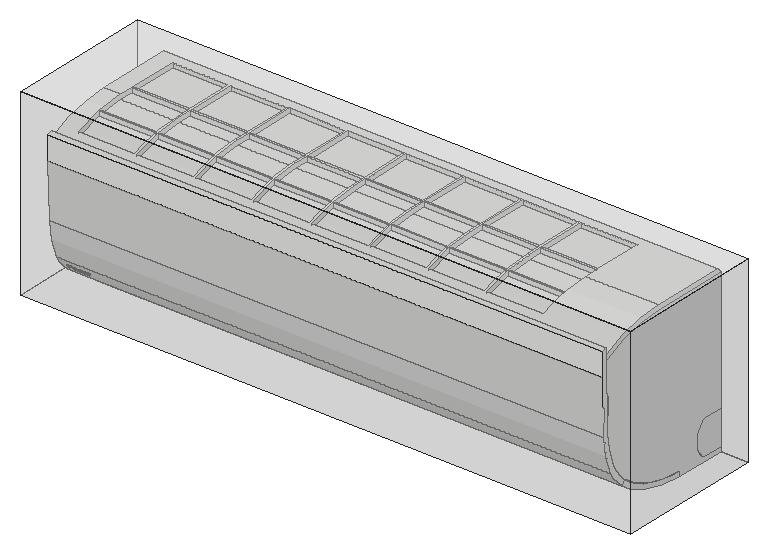
Revit family "outputfile", category 機械設備, Revit 2024
Family settings
  丸型コネクタ寸法 = 半径を使用
  パーツ タイプ = 標準
  OmniClass 番号 = 23.75.10.24.21.27.27
  OmniClass タイトル = Split System Air Conditioning Units
  作業面ベース = いいえ
  常に垂直 = はい
  ロード時にボイドで切り取り = いいえ
  注釈の向きを維持 = いいえ
  共有 = いいえ
  部屋計算ポイント = いいえ
Parameters (values of type "FTXV60UVMA")
  Description = ""
  書き出し IFC クラス(タイプ) = "IfcUnitaryEquipmentType"
  定義済み IFC タイプ(タイプ) = "AIRCONDITIONINGUNIT"
  Cost = 0
  Type Comments = ""
  Keynote = ""
  Type Image = (empty or 0)
  Assembly Code = ""
  w_wall hole = if(Width = 770.0 mm, 48.0 mm, 60.0 mm)  # 60.0 mm
  製造元 = "Daikin"
  モデル = "FTXV60UVMA"
  switch_frequency = yes
  r_Liquid Pipe Size = Liquid Pipe Size / 2  # 3.2 mm
  r_Gas Pipe Size = Gas Pipe Size / 2  # 6.35 mm
  r_Drain Pipe Size = Drain Pipe Size / 2  # 8.0 mm
  lw_powersupply [instance] = if(Width = 770.0 mm, if(or(Rear Right Connection_refrigerant, Bottom Right Connection_refrigerant), 25.0 mm, if(or(Rear Left Connection_refrigerant, Bottom Left Connection_refrigerant), 745.0 mm, 400.0 mm)), if(Width = 990.0 mm, if(or(Rear Right Connection_refrigerant, Bottom Right Connection_refrigerant), 40.0 mm, if(or(Rear Left Connection_refrigerant, Bottom Left Connection_refrigerant), 920.0 mm, 400.0 mm)), if(or(Rear Right Connection_refrigerant, Bottom Right Connection_refrigerant), 40.0 mm, if(or(Rear Left Connection_refrigerant, Bottom Left Connection_refrigerant), 920.0 mm, 400.0 mm))))  # 400.0 mm
  lw_liquidpipe [instance] = if(Width = 770.0 mm, if(or(Rear Right Connection_refrigerant, Bottom Right Connection_refrigerant), 0.0 mm, if(or(Rear Left Connection_refrigerant, Bottom Left Connection_refrigerant), 664.0 mm, 385.0 mm)), if(Width = 990.0 mm, if(or(Rear Right Connection_refrigerant, Bottom Right Connection_refrigerant), 0.0 mm, if(or(Rear Left Connection_refrigerant, Bottom Left Connection_refrigerant), 664.0 mm + (990.0 mm - 770.0 mm), 475.0 mm)), if(or(Rear Right Connection_refrigerant, Bottom Right Connection_refrigerant), 0.0 mm, if(or(Rear Left Connection_refrigerant, Bottom Left Connection_refrigerant), 664.0 mm + (990.0 mm - 770.0 mm), 475.0 mm))))  # 475.0 mm
  lw_gaspipe [instance] = if(Width = 770.0 mm, if(or(Rear Right Connection_refrigerant, Bottom Right Connection_refrigerant), 0.0 mm, if(or(Rear Left Connection_refrigerant, Bottom Left Connection_refrigerant), 675.0 mm, if(Gas Pipe Size = 12.7 mm, 345.0 mm, 335.0 mm))), if(Width = 990.0 mm, if(or(Rear Right Connection_refrigerant, Bottom Right Connection_refrigerant), 10.0 mm, if(or(Rear Left Connection_refrigerant, Bottom Left Connection_refrigerant), 890.0 mm, if(Gas Pipe Size = 15.9 mm, 410.0 mm, 400.0 mm))), if(or(Rear Right Connection_refrigerant, Bottom Right Connection_refrigerant), 10.0 mm, if(or(Rear Left Connection_refrigerant, Bottom Left Connection_refrigerant), 890.0 mm, if(Gas Pipe Size = 15.9 mm, 410.0 mm, 400.0 mm)))))  # 400.0 mm
  lw_drainpipe [instance] = if(Width = 770.0 mm, if(or(Rear Right Connection_refrigerant, Bottom Right Connection_refrigerant), 0.0 mm, if(or(Rear Left Connection_refrigerant, Bottom Left Connection_refrigerant), 770.0 mm - 48.0 mm - 48.0 mm, 440.0 mm)), if(Width = 990.0 mm, if(or(Rear Right Connection_refrigerant, Bottom Right Connection_refrigerant), 0.0 mm, if(or(Rear Left Connection_refrigerant, Bottom Left Connection_refrigerant), 675.0 mm + (990.0 mm - 770.0 mm), 435.0 mm)), if(or(Rear Right Connection_refrigerant, Bottom Right Connection_refrigerant), 0.0 mm, if(or(Rear Left Connection_refrigerant, Bottom Left Connection_refrigerant), 675.0 mm + (990.0 mm - 770.0 mm), 435.0 mm))))  # 435.0 mm
  l_powersupply_length [instance] = if(Width = 770.0 mm, if(Right Connection_refrigerant, 400.0 mm, if(Left Connection_refrigerant, 770.0 mm - 400.0 mm, if(or(Rear Left Connection_refrigerant, Rear Right Connection_refrigerant), 15.0 mm, 50.0 mm))), if(Width = 990.0 mm, if(Right Connection_refrigerant, 400.0 mm, if(Left Connection_refrigerant, 990.0 mm - 400.0 mm, if(or(Rear Left Connection_refrigerant, Rear Right Connection_refrigerant), 15.0 mm, 50.0 mm))), if(Right Connection_refrigerant, 400.0 mm, if(Left Connection_refrigerant, 990.0 mm - 400.0 mm, if(or(Rear Left Connection_refrigerant, Rear Right Connection_refrigerant), 15.0 mm, 50.0 mm)))))  # 400.0 mm
  l_liquidpipe_length [instance] = if(Width = 770.0 mm, if(Right Connection_refrigerant, 433.0 mm, if(Left Connection_refrigerant, 337.0 mm, if(or(Rear Left Connection_refrigerant, Rear Right Connection_refrigerant), 30.0 mm, 40.0 mm))), if(Width = 990.0 mm, if(Right Connection_refrigerant, 535.0 mm, if(Left Connection_refrigerant, 455.0 mm, if(or(Rear Left Connection_refrigerant, Rear Right Connection_refrigerant), 30.0 mm, 40.0 mm))), if(Right Connection_refrigerant, 535.0 mm, if(Left Connection_refrigerant, 455.0 mm, if(or(Rear Left Connection_refrigerant, Rear Right Connection_refrigerant), 30.0 mm, 40.0 mm)))))  # 535.0 mm
  l_gaspipe_length [instance] = if(Width = 770.0 mm, if(Right Connection_refrigerant, if(Gas Pipe Size = 12.7 mm, 393.0 mm, 383.0 mm), if(Left Connection_refrigerant, if(Gas Pipe Size = 12.7 mm, 770.0 mm - 393.0 mm, 770.0 mm - 383.0 mm), if(or(Rear Left Connection_refrigerant, Rear Right Connection_refrigerant), 40.0 mm, 50.0 mm))), if(Width = 990.0 mm, if(Right Connection_refrigerant, if(Gas Pipe Size = 15.9 mm, 470.0 mm, 460.0 mm), if(Left Connection_refrigerant, if(Gas Pipe Size = 15.9 mm, 990.0 mm - 470.0 mm, 990.0 mm - 460.0 mm), if(or(Rear Left Connection_refrigerant, Rear Right Connection_refrigerant), 40.0 mm, 50.0 mm))), if(Right Connection_refrigerant, if(Gas Pipe Size = 15.9 mm, 460.0 mm, 460.0 mm), if(Left Connection_refrigerant, if(Gas Pipe Size = 15.9 mm, 990.0 mm - 460.0 mm, 990.0 mm - 460.0 mm), if(or(Rear Left Connection_refrigerant, Rear Right Connection_refrigerant), 40.0 mm, 50.0 mm)))))  # 460.0 mm
  l_drainpipe_length [instance] = if(Width = 770.0 mm, if(Right Connection_refrigerant, 488.0 mm, if(Left Connection_refrigerant, 282.0 mm, if(or(Rear Left Connection_refrigerant, Rear Right Connection_refrigerant), 15.0 mm, 20.0 mm))), if(Width = 990.0 mm, if(Right Connection_refrigerant, 495.0 mm, if(Left Connection_refrigerant, 495.0 mm, if(or(Rear Left Connection_refrigerant, Rear Right Connection_refrigerant), 15.0 mm, 20.0 mm))), if(Right Connection_refrigerant, 495.0 mm, if(Left Connection_refrigerant, 495.0 mm, if(or(Rear Left Connection_refrigerant, Rear Right Connection_refrigerant), 15.0 mm, 20.0 mm)))))  # 495.0 mm
  h*** = 0.0 mm  # constant formula
  connector_voltage = Voltage_50Hz  # 230 V
  connector_powerinput = [Power Input (Cooling)]  # 1.640 kW
  connector_phase = Phase_50Hz  # 1
  angle_vertical [instance] = if(or(Bottom Left Connection_refrigerant, Bottom Right Connection_refrigerant), 0.00°, 90.00°)  # 90.00°
  angle_horizontal [instance] = if(Right Connection_refrigerant, 90.00°, if(Left Connection_refrigerant, -90.00°, if(or(Rear Left Connection_refrigerant, Rear Right Connection_refrigerant), 180.00°, 0.00°)))  # 90.00°
  Width = 990.0 mm
  Voltage_comment_60Hz = "220-230"
  Voltage_comment_50Hz = "220 - 240"
  Voltage_60Hz = 220 V
  Voltage_50Hz = 230 V
  Version = "ver.1.0"
  Unit Type = "Wall Mounted"
  Unit Mass Weight = 13.00 kg
  Unit Designation [instance] = ""
  Uniclass2015Version = "Products v1.30"
  Uniclass2015Title = "Split coil room air conditioning units"
  Uniclass2015Code = "Pr_70_65_03_86"
  URL = ""
  Total Heating Capacity [instance] = 0.000 kW
  Total Cooling Capacity [instance] = 0.000 kW
  Sound Pressure Level_M speed (dBA) = 42
  Sound Pressure Level_L speed (dBA) = 36
  Sound Pressure Level_H speed (dBA) = 48
  Sound Power Level_H speed (dB) = 0
  Series = "Single Split_Fan Coil Unit"
  Sensible Cooling Capacity [instance] = 0.000 kW
  Refrigerant Type = "R32"
  Power Input (Heating) = 1.730 kW
  Power Input (Cooling) = 1.640 kW
  Phase_60Hz = 1
  Phase_50Hz = 1
  Option Accessory 3 [instance] = ""
  Option Accessory 2 [instance] = ""
  Option Accessory 1 [instance] = ""
  Nominal Heating Capacity = 7.200 kW
  Nominal Cooling Capacity = 6.000 kW
  Minimum Circuit Amps_60Hz = 0.0 A
  Minimum Circuit Amps_50Hz = 0.0 A
  Minimum Airflow = 720.00 m³/h
  Median Airflow = 900.00 m³/h
  Maximum Fuse Amps_60Hz = 0.0 A
  Maximum Fuse Amps_50Hz = 0.0 A
  Maximum Airflow = 1116.00 m³/h
  Material_Casing = DAIKIN_PureWhite_Casing_indoorunit
  Load Classification = HVAC
  Liquid Pipe Size = 6.4 mm
  Link_Nested Family [instance] = ""
  IfcVersion = ""
  IfcExportType = "AIRCONDITIONINGUNIT"
  IfcExportAs = "IfcUnitaryEquipmentType"
  Height = 295.0 mm
  Heating Entering Wet Bulb Temperature [instance] = -273.15 °C
  Heating Entering Dry Bulb Temperature [instance] = -273.15 °C
  Heating Ambient Wet Bulb Temperature [instance] = -273.15 °C
  Heating Ambient Dry Bulb Temperature [instance] = -273.15 °C
  Heat Exchanger Type = "Cross Fin Coil"
  Gas Pipe Size = 12.7 mm
  Frequency_60Hz = 60 Hz
  Frequency_50Hz = 50 Hz
  Fan Type = "Cross Flow Fan"
  Fan Drive = "-"
  FCU Tag No. [instance] = ""
  Drain Pipe Size = 16.0 mm
  Design Supply Airflow [instance] = 0.00 m³/h
  Depth = 263.0 mm
  既定の高さ = 0.0 mm
  Cooling Entering Wet Bulb Temperature [instance] = 0.00 °C
  Cooling Entering Dry Bulb Temperature [instance] = 0.00 °C
  Cooling Ambient Wet Bulb Temperature [instance] = 0.00 °C
  Cooling Ambient Dry Bulb Temperature [instance] = 0.00 °C
  Clearance visibility [instance] = yes
  Clearance Top = 30.0 mm
  Clearance Right = 50.0 mm
  Clearance Rear = 0.0 mm
  Clearance Left = 50.0 mm
  Clearance Front = 0.0 mm
  Clearance Bottom = 0.0 mm
  Bottom Right Connection_refrigerant [instance] = no
  Bottom Left Connection_refrigerant [instance] = no
  Rear Right Connection_refrigerant [instance] = no
  Rear Left Connection_refrigerant [instance] = no
  Right Connection_refrigerant [instance] = yes
  Left Connection_refrigerant [instance] = no
Reference planes
  plane 1 "Back": y = 0
  plane 2: z = 0
  plane 3 "Center (Left/Right)": x = 0
  plane 4 "Center (Front/Back)": y = -131.5
  plane 5 "Front": y = -263
  plane 6 "Left": x = -495
  plane 7 "Right": x = 495
  plane 8 "Top": z = 0
  plane 9 "Bottom": z = -295
  plane 10: x = -545
  plane 11: x = 545
  plane 12: y = 0
  plane 13: y = -263
  plane 14: z = 30
  plane 15: z = -295
  plane 16 "lw_Piping and Wiring intake": x = 435
  plane 17 "lw_gaspipe": x = 35
  plane 18 "lw_liquidpipe": x = -40
  plane 19 "lw_drainpipe": x = 0
  plane 20 "lh_drainpipe": z = -275
  plane 21 "lh_liquidpipe": z = -255
  plane 22 "lh_gaspipe": z = -245
  plane 23 "ld_drainpipe": y = -15
  plane 24 "ld_liquidpipe": y = -30
  plane 25 "ld_gaspipe": y = -40
  plane 26 "lw_powersupply": x = 95
Dimensions and locks
  equal spacing: plane 6 "Left", plane 3 "Center (Left/Right)", plane 7 "Right"
  "Width": plane 6 "Left" to plane 7 "Right"
  equal spacing: plane 5 "Front", plane 4 "Center (Front/Back)", plane 1 "Back"
  "Depth": plane 5 "Front" to plane 1 "Back"
  "Height": plane 8 "Top" to plane 9 "Bottom"
  "Clearance Rear": plane 12 to plane 1 "Back"
  "Clearance Front": plane 13 to plane 5 "Front"
  "Clearance Top": plane 14 to plane 8 "Top"
  "Clearance Bottom": plane 9 "Bottom" to plane 15
  "w_wall hole": plane 16 "lw_Piping and Wiring intake" to plane 7 "Right"
  "lw_gaspipe": plane 17 "lw_gaspipe" to plane 16 "lw_Piping and Wiring intake"
  "lw_liquidpipe": plane 18 "lw_liquidpipe" to plane 16 "lw_Piping and Wiring intake"
  "lw_drainpipe": plane 19 "lw_drainpipe" to plane 16 "lw_Piping and Wiring intake"
  locked: plane 20 "lh_drainpipe" to plane 9 "Bottom" at 20
  locked: plane 21 "lh_liquidpipe" to plane 9 "Bottom" at 40
  locked: plane 22 "lh_gaspipe" to plane 9 "Bottom" at 50
  locked: plane 23 "ld_drainpipe" to plane 1 "Back" at 15
  locked: plane 1 "Back" to plane 24 "ld_liquidpipe" at 30
  locked: plane 1 "Back" to plane 25 "ld_gaspipe" at 40
  "lw_powersupply": plane 26 "lw_powersupply" to plane 7 "Right"
  "Clearance Left": plane 10 to plane 6 "Left"
  "Clearance Right": plane 7 "Right" to plane 11
  aligned and locked: level to plane 2
  aligned and locked: plane 12 to nested 1
  aligned and locked: nested 1 to plane 13
  aligned and locked: plane 10 to nested 1
  aligned and locked: plane 11 to nested 1
  aligned and locked: plane 15 to nested 1
  aligned and locked: plane 14 to nested 1
  aligned and locked: plane 17 "lw_gaspipe" to nested 2
  aligned and locked: nested 2 to plane 25 "ld_gaspipe"
  aligned and locked: plane 18 "lw_liquidpipe" to nested 3
  aligned and locked: nested 3 to plane 24 "ld_liquidpipe"
  aligned and locked: plane 19 "lw_drainpipe" to nested 4
  aligned and locked: nested 4 to plane 23 "ld_drainpipe"
  aligned and locked: nested 5 to plane 23 "ld_drainpipe"
  aligned and locked: plane 26 "lw_powersupply" to nested 5
  aligned and locked: level to plane 8 "Top"
  aligned and locked: plane 3 "Center (Left/Right)" to nested 6
  aligned and locked: plane 1 "Back" to nested 6
  aligned and locked: plane 8 "Top" to nested 6
Nested families
  nested 1: "daikin_clearancespace" at (0, -131.5, -132.381), show <- "Clearance visibility", visible <- "Clearance visibility", Link_Nested Family <- "Link_Nested Family", type "daikin_clearancespace"
    with width 1090.0 mm, show yes, height 325.0 mm, depth 263.0 mm, Link_Nested Family ""
  nested 2: "daikin_connector_rotate3" at (35, -40, -245), angle_vertical <- "angle_vertical", angle_horizontal <- "angle_horizontal", length <- "l_gaspipe_length", radius <- "r_Gas Pipe Size", type "daikin_connector_rotate3"
    with show no, radius 6.35 mm, length 460.0 mm, angle_vertical 90.00°, angle_horizontal 90.00°
  nested 3: "daikin_connector_rotate3" at (-40, -30, -255), angle_vertical <- "angle_vertical", angle_horizontal <- "angle_horizontal", radius <- "r_Liquid Pipe Size", length <- "l_liquidpipe_length", type "daikin_connector_rotate3"
    with show no, radius 3.2 mm, length 535.0 mm, angle_vertical 90.00°, angle_horizontal 90.00°
  nested 4: "daikin_connector_rotate3" at (0, -15, -275), angle_vertical <- "angle_vertical", angle_horizontal <- "angle_horizontal", length <- "l_drainpipe_length", radius <- "r_Drain Pipe Size", type "daikin_connector_rotate3"
    with show no, radius 8.0 mm, length 495.0 mm, angle_vertical 90.00°, angle_horizontal 90.00°
  nested 5: "daikin_connector_rotate3" at (95, -15, -245), angle_vertical <- "angle_vertical", angle_horizontal <- "angle_horizontal", length <- "l_powersupply_length", type "daikin_connector_rotate3"
    with show no, radius 10.0 mm, length 400.0 mm, angle_vertical 90.00°, angle_horizontal 90.00°
  nested 6: "DAIKIN_indoorunit_FTXV-UVMA" at (-31, 0, 0), type "FTXV-UVMA"
Connectors
  piping at (495, -40, -245), diameter 12.7, driven by "r_Gas Pipe Size"
    settings: on nested 2, index 1, connector inside diameter 609.6 mm, connector length 0.0 mm, flow factor 0, pipe flow 0.00 m³/h, pressure drop 0.0 Pa, fitting loss kfactor 0, connector angle 0.00°, fixture units 0, engagement length 0.0 mm, angle of deflection 0.00°, flow configuration 1, flow direction 2, fitting loss method 0, system type 29, joint type 0, gender type 0, connector reference index -1, connector utility 0, adjustable connector no, is connector primary yes, connector description "Refrigerant Gas Piping"
  piping at (495, -30, -255), diameter 6.4, driven by "r_Liquid Pipe Size"
    settings: on nested 3, index 2, connector inside diameter 609.6 mm, connector length 0.0 mm, flow factor 0, pipe flow 0.00 m³/h, pressure drop 0.0 Pa, fitting loss kfactor 0, connector angle 0.00°, fixture units 0, engagement length 0.0 mm, angle of deflection 0.00°, flow configuration 1, flow direction 1, fitting loss method 0, system type 29, joint type 0, gender type 0, connector reference index -1, connector utility 0, adjustable connector no, is connector primary no, connector description "Refrigerant Liquid Piping"
  piping at (495, -15, -275), diameter 16, driven by "r_Drain Pipe Size"
    settings: on nested 4, index 3, connector inside diameter 609.6 mm, connector length 0.0 mm, flow factor 0, pipe flow 0.00 m³/h, pressure drop 0.0 Pa, fitting loss kfactor 0, connector angle 0.00°, fixture units 0, engagement length 0.0 mm, angle of deflection 0.00°, flow configuration 1, flow direction 2, fitting loss method 4, system type 16, joint type 0, gender type 0, connector reference index -1, connector utility 0, adjustable connector no, is connector primary no, connector description "Condensate Drain Piping"
  electrical at (495, -15, -245), driven by "Load Classification", driven by "connector_voltage", driven by "connector_phase", driven by "connector_powerinput"
    settings: on nested 5, index 4, voltage 230 V, apparent load 1640 VA, apparent load phase1 0 VA, apparent load phase2 0 VA, apparent load phase3 0 VA, power factor 1, load classification "HVAC", number of poles 1, system type 30, power factor state 1, is connector primary yes, connector utility no, sub classification motor no, connector description "Power Supply"
Definition of nested family "daikin_clearancespace"
  Parameters (values of type "daikin_clearancespace")
    Description = "daikin_clearancespace"
    width [instance] = 1823.963 mm
    show [instance] = yes
    material = none
    height [instance] = 1359.762 mm
    depth [instance] = 880.0 mm
    Default Elevation = 0.0 mm
    Link_Nested Family [instance] = ""
  Reference planes
    plane 1 "Center (Front/Back)": y = 0
    plane 2 "Center (Elevation)": z = -0.119
    plane 3 "Center (Left/Right)": x = 0
    plane 4: y = 440
    plane 5: y = -440
    plane 6 "Right": x = 911.982
    plane 7 "Left": x = -911.982
    plane 8 "Top": z = 679.762
    plane 9 "Bottom": z = -680
  Forms (mm)
    Extrusion 1, solid, material <- "material", visible <- "show"
      sketch origin (0, 0, 0) x (1, 0, 0) y (0, 1, 0)
        loop
          line (-911.982, 440) -> (-911.982, -440) -> (911.982, -440) -> (911.982, 440) -> (-911.982, 440)
      from -680 to 679.762
  Lines and regions (mm)
    symbolic lines, visible <- "show"
      curve 1: line (911.982, 440, 0) -> (-911.982, 440, 0)
      curve 2: line (-911.982, 440, 0) -> (-911.982, -440, 0)
      curve 3: line (-911.982, -440, 0) -> (911.982, -440, 0)
      curve 4: line (911.982, -440, 0) -> (911.982, 440, 0)
      curve 5: line (911.982, 0, 679.762) -> (-911.982, 0, 679.762)
      curve 6: line (911.982, 0, -680) -> (911.982, 0, 679.762)
      curve 7: line (-911.982, 0, -680) -> (911.982, 0, -680)
      curve 8: line (-911.982, 0, 679.762) -> (-911.982, 0, -680)
      curve 9: line (0, 440, 679.762) -> (0, -440, 679.762)
      curve 10: line (0, -440, 679.762) -> (0, -440, -680)
      curve 11: line (0, 440, -680) -> (0, 440, 679.762)
      curve 12: line (0, -440, -680) -> (0, 440, -680)
  Dimensions and locks
    "width": plane 7 "Left" to plane 6 "Right"
    "depth": plane 4 to plane 5
    "height": plane 8 "Top" to plane 9 "Bottom"
    equal spacing: plane 7 "Left", plane 3 "Center (Left/Right)", plane 6 "Right"
    equal spacing: plane 4, plane 1 "Center (Front/Back)", plane 5
    equal spacing: plane 8 "Top", plane 2 "Center (Elevation)", plane 9 "Bottom"
    aligned and locked: level to plane 2 "Center (Elevation)"
    aligned and locked: Extrusion 1 sketch curve to plane 4
    aligned and locked: plane 7 "Left" to Extrusion 1 sketch curve
    aligned and locked: Extrusion 1 sketch curve to plane 5
    aligned and locked: Extrusion 1 sketch curve to plane 6 "Right"
    aligned and locked: plane 8 "Top" to Extrusion 1
    aligned and locked: curve 1 to Extrusion 1
    aligned and locked: curve 2 to Extrusion 1
    aligned and locked: curve 3 to Extrusion 1
    aligned and locked: curve 4 to Extrusion 1
    aligned and locked: curve 5 to Extrusion 1
    aligned and locked: curve 6 to Extrusion 1
    aligned and locked: curve 7 to Extrusion 1
    aligned and locked: curve 8 to Extrusion 1
    aligned and locked: curve 9 to Extrusion 1
    aligned and locked: curve 10 to Extrusion 1
    aligned and locked: curve 11 to Extrusion 1
    aligned and locked: curve 12 to Extrusion 1
    aligned and locked: Extrusion 1 to plane 9 "Bottom"
Definition of nested family "DAIKIN_indoorunit_FTXV-UVMA"
  Parameters (values of type "FTKF-TVMA")
    Width=990 = Width = 990.0 mm  # yes
    Width=770 = Width = 770.0 mm  # no
    Width = 990.0 mm
    WALL HOLE-R = if(Width = 770.0 mm, 48.0 mm, 60.0 mm)  # 60.0 mm
    WALL HOLE Size = if(Width = 770.0 mm, 65.0 mm, 80.0 mm)  # 80.0 mm
    Material_Casing = none
    Height = if(Width = 770.0 mm, 285.0 mm, 295.0 mm)  # 295.0 mm
    Default Elevation = 0.0 mm
  Reference planes
    plane 1 "Center (Front/Back)": y = 0
    plane 2 "reference_level": z = 0
    plane 3 "Center (Left/Right)": x = 31
    plane 4: x = -464
    plane 5: x = 526
    plane 6: z = -295
  Forms (mm)
    Extrusion 1, solid, material <- "Material_Casing", visible <- "Width=770"
      sketch origin (29, 0, 0) x (0, 1, 0) y (0, 0, 1)
        loop
          line (-5, 0) -> (-98, 0)
          arc (-98, 0) -> (-157.611, -7.211) -> (-213.783, -28.427) r 250
          arc (-213.783, -28.427) -> (-213.842, -32.972) -> (-213.892, -37.516) r 2191
          arc (-213.892, -37.516) -> (-157.832, -15.495) -> (-98.07, -8) r 242
          line (-98.07, -8) -> (0, -8) -> (-5, 0)
      from -383 to 387
    Extrusion 2, solid, material <- "Material_Casing", visible <- "Width=770"
      sketch origin (416, 1296.25, 1200) x (0, 1, 0) y (0, 0, 1)
        loop
          line (-1472.998, -1446.91) -> (-1476.998, -1453.839)
          arc (-1476.998, -1453.839) -> (-1437.481, -1472.422) -> (-1395.25, -1483.538) r 240
          line (-1395.25, -1483.538) -> (-1395.25, -1475.422)
          arc (-1395.25, -1475.422) -> (-1435.407, -1464.663) -> (-1472.998, -1446.91) r 232
      from 0 to -47.5
    Extrusion 3, solid, material <- "Material_Casing", visible <- "Width=770"
      sketch origin (29, 0, 0) x (0, 1, 0) y (0, 0, 1)
        loop
          arc (-223, -60.455) -> (-222.414, -110.646) -> (-220.656, -160.81) r 2149.92
          arc (-220.656, -160.81) -> (-219.65, -174.299) -> (-217.853, -187.706) r 229.911
          arc (-217.853, -187.706) -> (-205.371, -223.594) -> (-181.517, -253.17) r 111
          line (-181.517, -253.17) -> (-177.429, -246.093)
          arc (-177.429, -246.093) -> (-198.77, -218.989) -> (-209.965, -186.36) r 103
          arc (-209.965, -186.36) -> (-211.681, -173.586) -> (-212.651, -160.735) r 221.844
          arc (-212.651, -160.735) -> (-214.739, -93.233) -> (-214.74, -25.699) r 2186.828
          arc (-214.74, -25.699) -> (-214.671, -21.467) -> (-214.594, -17.235) r 2192
          line (-214.594, -17.235) -> (-223, -19.961) -> (-223, -60.455)
      from -383 to 387
    Extrusion 4, solid, material <- "Material_Casing", visible <- "Width=770"
      sketch origin (29, 0, -20) x (0, 1, 0) y (0, 0, 1)
        loop
          line (0, -265) -> (0, 12) -> (-98.07, 12)
          arc (-98.07, 12) -> (-157.832, 4.505) -> (-213.892, -17.516) r 242
          arc (-213.892, -17.516) -> (-213.638, -79.114) -> (-211.653, -140.681) r 2191
          arc (-211.653, -140.681) -> (-210.685, -153.501) -> (-208.973, -166.243) r 221
          arc (-208.973, -166.243) -> (-197.471, -199.282) -> (-175.482, -226.491) r 102
          arc (-175.482, -226.491) -> (-138.004, -244.019) -> (-98, -254.579) r 231
          line (-98, -254.579) -> (-98, -265) -> (0, -265)
      from -383 to 387
    Extrusion 5, solid, material <- "Material_Casing", visible <- "Width=770"
      sketch origin (-354, 1296.25, 1200) x (0, 1, 0) y (0, 0, 1)
        loop
          line (-1472.998, -1446.91) -> (-1476.998, -1453.839)
          arc (-1476.998, -1453.839) -> (-1437.481, -1472.422) -> (-1395.25, -1483.538) r 240
          line (-1395.25, -1483.538) -> (-1395.25, -1475.422)
          arc (-1395.25, -1475.422) -> (-1435.407, -1464.663) -> (-1472.998, -1446.91) r 232
      from 47 to 0
    Extrusion 6, solid, material <- "Material_Casing", visible <- "Width=770"
      sketch origin (416, 1296.25, 1200) x (0, 1, 0) y (0, 0, 1)
        loop
          line (-1472.998, -1446.91) -> (-1476.998, -1453.839)
          arc (-1476.998, -1453.839) -> (-1443.437, -1470.168) -> (-1407.75, -1481.097) r 240
          line (-1407.75, -1481.097) -> (-1407.75, -1472.894)
          arc (-1407.75, -1472.894) -> (-1441.363, -1462.385) -> (-1472.998, -1446.91) r 232
      from -116.993 to -48.493
    Extrusion 7, solid, material <- "Material_Casing", visible <- "Width=770"
      sketch origin (416, 1296.25, 1200) x (0, 1, 0) y (0, 0, 1)
        loop
          line (-1472.998, -1446.91) -> (-1476.998, -1453.839)
          arc (-1476.998, -1453.839) -> (-1443.437, -1470.168) -> (-1407.75, -1481.097) r 240
          line (-1407.75, -1481.097) -> (-1407.75, -1472.894)
          arc (-1407.75, -1472.894) -> (-1441.363, -1462.385) -> (-1472.998, -1446.91) r 232
      from -717 to -121.993
    Extrusion 8, void
      sketch origin (31, 0, -235) x (1, 0, 0) y (0, 1, 0)
        loop
          line (-252.674, -22.316) -> (-354.941, -22.316) -> (-354.941, -91.341) -> (-252.674, -91.341) -> (-252.674, -22.316)
        loop
          line (-249.341, -91.341) -> (-151.574, -91.341) -> (-151.574, -22.316) -> (-249.341, -22.316) -> (-249.341, -91.341)
        loop
          line (58.309, -22.316) -> (-148.309, -22.316) -> (-148.309, -91.341) -> (58.309, -91.341) -> (58.309, -22.316)
        loop
          line (61.689, -22.316) -> (61.689, -91.341) -> (159.457, -91.341) -> (159.457, -22.316) -> (61.689, -22.316)
        loop
          line (162.789, -22.316) -> (162.789, -91.341) -> (265.057, -91.341) -> (265.057, -22.316) -> (162.789, -22.316)
        loop
          line (-354.941, -94.659) -> (-354.941, -165.259) -> (-252.674, -165.259) -> (-252.674, -94.659) -> (-354.941, -94.659)
        loop
          line (-249.341, -94.659) -> (-249.341, -165.259) -> (-151.574, -165.259) -> (-151.574, -94.659) -> (-249.341, -94.659)
        loop
          line (-148.309, -94.659) -> (-148.309, -165.259) -> (58.309, -165.259) -> (58.309, -94.659) -> (-148.309, -94.659)
        loop
          line (61.689, -94.659) -> (61.689, -165.259) -> (159.457, -165.259) -> (159.457, -94.659) -> (61.689, -94.659)
        loop
          line (162.789, -94.659) -> (162.789, -165.259) -> (265.057, -165.259) -> (265.057, -94.659) -> (162.789, -94.659)
        loop
          line (-354.941, -167.382) -> (-354.941, -192.681) -> (-252.674, -192.681) -> (-252.674, -167.382) -> (-354.941, -167.382)
        loop
          line (-249.341, -167.382) -> (-249.341, -192.681) -> (-151.574, -192.681) -> (-151.574, -167.382) -> (-249.341, -167.382)
        loop
          line (-148.309, -167.382) -> (-148.309, -192.681) -> (58.309, -192.681) -> (58.309, -167.382) -> (-148.309, -167.382)
        loop
          line (159.457, -167.382) -> (61.689, -167.382) -> (61.689, -192.681) -> (159.457, -192.681) -> (159.457, -167.382)
        loop
          line (265.057, -167.382) -> (162.789, -167.382) -> (162.789, -192.681) -> (265.057, -192.681) -> (265.057, -167.382)
      from 201.638 to 250
    Extrusion 9, solid, material <- "Material_Casing"
      sketch origin (31, 0, 0) x (1, 0, 0) y (0, 0, 1)
        loop
          circle (435, -250.5) r 40
        loop
          circle (-447, -250.5) r 40
      from 0 to 5
    Extrusion 10, solid, material <- "Material_Casing", visible <- "Width=770"
      sketch origin (416, 1296.25, 1200) x (0, -1, 0) y (0, 0, 1)
        loop
          line (1326.25, -1417) -> (1296.25, -1417) -> (1296.25, -1477) -> (1326.25, -1477)
          arc (1326.25, -1477) -> (1340.393, -1471.142) -> (1346.25, -1457) r 20
          line (1346.25, -1457) -> (1346.25, -1437)
          arc (1346.25, -1437) -> (1340.393, -1422.858) -> (1326.25, -1417) r 20
      from 0 to 5
    Extrusion 11, solid, material <- "Material_Casing", visible <- "Width=770"
      sketch origin (-354, 1296.25, 1200) x (0, 1, 0) y (0, 0, 1)
        loop
          line (-1296.25, -1417) -> (-1326.25, -1417)
          arc (-1326.25, -1417) -> (-1340.393, -1422.858) -> (-1346.25, -1437) r 20
          line (-1346.25, -1437) -> (-1346.25, -1457)
          arc (-1346.25, -1457) -> (-1340.393, -1471.142) -> (-1326.25, -1477) r 20
          line (-1326.25, -1477) -> (-1296.25, -1477) -> (-1296.25, -1417)
      from 0 to 5
    Extrusion 12, solid, material <- "Material_Casing", visible <- "Width=770"
      sketch origin (31, 0, -285) x (-1, 0, 0) y (0, -1, 0)
        loop
          line (-314, 0) -> (-314, 30)
          arc (-314, 30) -> (-319.858, 44.142) -> (-334, 50) r 20
          line (-334, 50) -> (-354, 50)
          arc (-354, 50) -> (-368.142, 44.142) -> (-374, 30) r 20
          line (-374, 30) -> (-374, 0) -> (-314, 0)
        loop
          line (374, 0) -> (374, 30)
          arc (374, 30) -> (368.142, 44.142) -> (354, 50) r 20
          line (354, 50) -> (334, 50)
          arc (334, 50) -> (319.858, 44.142) -> (314, 30) r 20
          line (314, 30) -> (314, 0) -> (374, 0)
      from 0 to 5
    Extrusion 13, solid, material <- "Material_Casing", visible <- "Width=990"
      sketch origin (31, 0, 0) x (0, 1, 0) y (0, 0, 1)
        loop
          line (-5, 0) -> (-138, 0)
          arc (-138, 0) -> (-197.611, -7.211) -> (-253.783, -28.427) r 250
          arc (-253.783, -28.427) -> (-253.838, -32.687) -> (-253.886, -36.946) r 2191
          arc (-253.886, -36.946) -> (-197.73, -15.346) -> (-138.014, -8) r 246.393
          line (-138.014, -8) -> (0, -8) -> (-5, 0)
      from -495 to 495
    Extrusion 14, solid, material <- "Material_Casing", visible <- "Width=990"
      sketch origin (418, 1296.25, 1200) x (0, 1, 0) y (0, 0, 1)
        loop
          arc (-1515.208, -1454.149) -> (-1506.856, -1460.599) -> (-1497.925, -1466.219) r 110
          arc (-1497.925, -1466.219) -> (-1445.718, -1487.493) -> (-1389.844, -1494.995) r 223
          line (-1389.844, -1494.995) -> (-1389.844, -1486.086) -> (-1404.386, -1486.086)
          arc (-1404.386, -1486.086) -> (-1449.542, -1477.46) -> (-1491.818, -1459.402) r 214.289
          arc (-1491.818, -1459.402) -> (-1501.056, -1453.541) -> (-1509.606, -1446.715) r 101
          line (-1509.606, -1446.715) -> (-1515.208, -1454.149)
      from 108 to 57.5
    Extrusion 15, solid, material <- "Material_Casing", visible <- "Width=990"
      sketch origin (31, 0, 0) x (0, 1, 0) y (0, 0, 1)
        loop
          line (-263, -19.962) -> (-263, -61.6)
          arc (-263, -61.6) -> (-262.414, -110.219) -> (-260.656, -158.81) r 2017.341
          arc (-260.656, -158.81) -> (-255.648, -191.935) -> (-244.041, -223.362) r 164.725
          arc (-244.041, -223.362) -> (-233.569, -239.793) -> (-219.717, -253.495) r 87.379
          line (-219.717, -253.495) -> (-214.706, -246.846)
          arc (-214.706, -246.846) -> (-229.564, -230.029) -> (-240.385, -210.371) r 102
          arc (-240.385, -210.371) -> (-249.049, -182.962) -> (-252.848, -154.467) r 165.789
          arc (-252.848, -154.467) -> (-254.771, -90.102) -> (-254.74, -25.708) r 2122.533
          arc (-254.74, -25.708) -> (-254.671, -21.469) -> (-254.594, -17.23) r 2192
          line (-254.594, -17.23) -> (-263, -19.962)
      from -495 to 495
    Extrusion 16, void
      sketch origin (33, 0, 0) x (1, 0, 0) y (0, 1, 0)
        loop
          line (-466.909, -22.316) -> (-466.909, -111.341) -> (-366.303, -111.341) -> (-366.303, -22.316) -> (-466.909, -22.316)
        loop
          line (-362.71, -22.316) -> (-362.71, -111.341) -> (-262.103, -111.341) -> (-262.103, -22.316) -> (-362.71, -22.316)
        loop
          line (-258.51, -22.316) -> (-258.51, -111.341) -> (-157.904, -111.341) -> (-157.904, -22.316) -> (-258.51, -22.316)
        loop
          line (-154.31, -22.316) -> (-154.31, -111.341) -> (-53.704, -111.341) -> (-53.704, -22.316) -> (-154.31, -22.316)
        loop
          line (-50.11, -22.316) -> (-50.11, -111.341) -> (50.496, -111.341) -> (50.496, -22.316) -> (-50.11, -22.316)
        loop
          line (54.089, -22.316) -> (54.089, -111.341) -> (154.696, -111.341) -> (154.696, -22.316) -> (54.089, -22.316)
        loop
          line (158.289, -22.316) -> (158.289, -111.341) -> (258.895, -111.341) -> (258.895, -22.316) -> (158.289, -22.316)
        loop
          line (262.489, -22.316) -> (262.489, -111.341) -> (363.095, -111.341) -> (363.095, -22.316) -> (262.489, -22.316)
        loop
          line (-466.909, -114.459) -> (-466.909, -185.059) -> (-366.303, -185.059) -> (-366.303, -114.459) -> (-466.909, -114.459)
        loop
          line (-362.71, -114.459) -> (-362.71, -185.059) -> (-262.103, -185.059) -> (-262.103, -114.459) -> (-362.71, -114.459)
        loop
          line (-258.51, -114.459) -> (-258.51, -185.059) -> (-157.904, -185.059) -> (-157.904, -114.459) -> (-258.51, -114.459)
        loop
          line (-154.31, -114.459) -> (-154.31, -185.059) -> (-53.704, -185.059) -> (-53.704, -114.459) -> (-154.31, -114.459)
        loop
          line (-50.11, -114.459) -> (-50.11, -185.059) -> (50.496, -185.059) -> (50.496, -114.459) -> (-50.11, -114.459)
        loop
          line (54.089, -114.459) -> (54.089, -185.059) -> (154.696, -185.059) -> (154.696, -114.459) -> (54.089, -114.459)
        loop
          line (158.289, -114.459) -> (158.289, -185.059) -> (258.895, -185.059) -> (258.895, -114.459) -> (158.289, -114.459)
        loop
          line (262.489, -114.459) -> (262.489, -185.059) -> (363.095, -185.059) -> (363.095, -114.459) -> (262.489, -114.459)
        loop
          line (-466.909, -187.382) -> (-466.909, -232.681) -> (-366.303, -232.681) -> (-366.303, -187.382) -> (-466.909, -187.382)
        loop
          line (-362.71, -187.382) -> (-362.71, -232.681) -> (-262.103, -232.681) -> (-262.103, -187.382) -> (-362.71, -187.382)
        loop
          line (-258.51, -187.382) -> (-258.51, -232.681) -> (-157.904, -232.681) -> (-157.904, -187.382) -> (-258.51, -187.382)
        loop
          line (-154.31, -187.382) -> (-154.31, -232.681) -> (-53.704, -232.681) -> (-53.704, -187.382) -> (-154.31, -187.382)
        loop
          line (-50.11, -187.382) -> (-50.11, -232.681) -> (50.496, -232.681) -> (50.496, -187.382) -> (-50.11, -187.382)
        loop
          line (54.089, -187.382) -> (54.089, -232.681) -> (154.696, -232.681) -> (154.696, -187.382) -> (54.089, -187.382)
        loop
          line (158.289, -187.382) -> (158.289, -232.681) -> (258.895, -232.681) -> (258.895, -187.382) -> (158.289, -187.382)
        loop
          line (262.489, -187.382) -> (262.489, -232.681) -> (363.095, -232.681) -> (363.095, -187.382) -> (262.489, -187.382)
      from -40.013 to 47.268
    Extrusion 17, solid, material <- "Material_Casing", visible <- "Width=990"
      sketch origin (-356, 1296.25, 1200) x (0, 1, 0) y (0, 0, -1)
        loop
          line (-1515.208, 1454.149) -> (-1509.606, 1446.715)
          arc (-1509.606, 1446.715) -> (-1501.056, 1453.541) -> (-1491.818, 1459.402) r 101
          arc (-1491.818, 1459.402) -> (-1449.542, 1477.46) -> (-1404.386, 1486.086) r 214.289
          line (-1404.386, 1486.086) -> (-1389.844, 1486.086) -> (-1389.844, 1494.995)
          arc (-1389.844, 1494.995) -> (-1445.718, 1487.493) -> (-1497.925, 1466.219) r 223
          arc (-1497.925, 1466.219) -> (-1506.856, 1460.599) -> (-1515.208, 1454.149) r 110
      from 108 to 61
    Extrusion 18, solid, material <- "Material_Casing", visible <- "Width=990"
      sketch origin (418, 1296.25, 1200) x (0, 1, 0) y (0, 0, 1)
        loop
          arc (-1515.208, -1454.149) -> (-1506.856, -1460.599) -> (-1497.925, -1466.219) r 110
          arc (-1497.925, -1466.219) -> (-1463.185, -1482.066) -> (-1426.25, -1491.755) r 223
          line (-1426.25, -1491.755) -> (-1426.25, -1483.166)
          arc (-1426.25, -1483.166) -> (-1460.008, -1473.969) -> (-1491.818, -1459.402) r 214.289
          arc (-1491.818, -1459.402) -> (-1501.056, -1453.541) -> (-1509.606, -1446.715) r 101
          line (-1509.606, -1446.715) -> (-1515.208, -1454.149)
      from 56.5 to -36.993
    Extrusion 19, solid, material <- "Material_Casing", visible <- "Width=990"
      sketch origin (418, 1296.25, 1200) x (0, 1, 0) y (0, 0, 1)
        loop
          arc (-1426.25, -1483.166) -> (-1443.442, -1479.224) -> (-1460.25, -1473.881) r 214.289
          line (-1460.25, -1473.881) -> (-1460.25, -1483.089)
          arc (-1460.25, -1483.089) -> (-1443.421, -1488.091) -> (-1426.25, -1491.755) r 223
          line (-1426.25, -1491.755) -> (-1426.25, -1483.166)
      from -43.493 to -828.893
    Extrusion 20, solid, material <- "Material_Casing", visible <- "Width=990"
      sketch origin (418, 1296.25, 1200) x (0, 1, 0) y (0, 0, 1)
        loop
          arc (-1515.208, -1454.149) -> (-1506.856, -1460.599) -> (-1497.925, -1466.219) r 110
          arc (-1497.925, -1466.219) -> (-1479.479, -1475.527) -> (-1460.25, -1483.089) r 223
          line (-1460.25, -1483.089) -> (-1460.25, -1473.881)
          arc (-1460.25, -1473.881) -> (-1476.328, -1467.282) -> (-1491.818, -1459.402) r 214.289
          arc (-1491.818, -1459.402) -> (-1501.056, -1453.541) -> (-1509.606, -1446.715) r 101
          line (-1509.606, -1446.715) -> (-1515.208, -1454.149)
      from -43.493 to -828.893
    Extrusion 21, solid, material <- "Material_Casing", visible <- "Width=990"
      sketch origin (31, 0, -30) x (0, 1, 0) y (0, 0, 1)
        loop
          line (0, 22) -> (-138.014, 22)
          arc (-138.014, 22) -> (-197.73, 14.654) -> (-253.886, -6.946) r 246.393
          arc (-253.886, -6.946) -> (-253.682, -65.635) -> (-251.855, -124.295) r 2120.935
          arc (-251.855, -124.295) -> (-248.086, -152.682) -> (-239.461, -179.988) r 164.789
          arc (-239.461, -179.988) -> (-228.903, -199.231) -> (-214.437, -215.738) r 101
          line (-214.437, -215.738) -> (-212.406, -216.221)
          arc (-212.406, -216.221) -> (-204.07, -222.837) -> (-195.079, -228.53) r 100
          arc (-195.079, -228.53) -> (-145.557, -248.629) -> (-92.593, -255.785) r 213.289
          line (-92.593, -255.785) -> (-92.593, -265) -> (0, -265) -> (0, 22)
      from -495 to 495
    Extrusion 22, solid, material <- "Material_Casing", visible <- "Width=990"
      sketch origin (526, 1296.25, 1200) x (0, -1, 0) y (0, 0, 1)
        loop
          line (1326.25, -1427.035) -> (1296.25, -1427.035) -> (1296.25, -1487.035) -> (1326.25, -1487.035)
          arc (1326.25, -1487.035) -> (1340.393, -1481.177) -> (1346.25, -1467.035) r 20
          line (1346.25, -1467.035) -> (1346.25, -1447.035)
          arc (1346.25, -1447.035) -> (1340.393, -1432.892) -> (1326.25, -1427.035) r 20
      from 0 to 5
    Extrusion 23, solid, material <- "Material_Casing", visible <- "Width=990"
      sketch origin (-459, 1296.25, 1200) x (0, -1, 0) y (0, 0, 1)
        loop
          line (1326.25, -1427.035) -> (1296.25, -1427.035) -> (1296.25, -1487.035) -> (1326.25, -1487.035)
          arc (1326.25, -1487.035) -> (1340.393, -1481.177) -> (1346.25, -1467.035) r 20
          line (1346.25, -1467.035) -> (1346.25, -1447.035)
          arc (1346.25, -1447.035) -> (1340.393, -1432.892) -> (1326.25, -1427.035) r 20
      from 0 to 5
    Extrusion 24, solid, material <- "Material_Casing", visible <- "Width=990"
      sketch origin (31, 200, -295) x (-1, 0, 0) y (0, -1, 0)
        loop
          line (469, 200) -> (469, 230)
          arc (469, 230) -> (463.142, 244.142) -> (449, 250) r 20
          line (449, 250) -> (429, 250)
          arc (429, 250) -> (414.858, 244.142) -> (409, 230) r 20
          line (409, 230) -> (409, 200) -> (469, 200)
        loop
          line (-469, 200) -> (-409, 200) -> (-409, 230)
          arc (-409, 230) -> (-414.858, 244.142) -> (-429, 250) r 20
          line (-429, 250) -> (-449, 250)
          arc (-449, 250) -> (-463.142, 244.142) -> (-469, 230) r 20
          line (-469, 230) -> (-469, 200)
      from 0 to 5
  Cuts and joins
    Extrusion 8 cuts Extrusion 1
    Extrusion 16 cuts Extrusion 13
  Lines and regions (mm)
    reference lines
      curve 1: line (-523, -201.911, -229.404) -> (-523, -193.542, -239.977)
      curve 2: line (-523, -240.779, -229.404) -> (-523, -232.411, -239.977)
  Dimensions and locks
    locked: Extrusion 10 sketch curve to Extrusion 10 sketch curve at 60
    locked: Extrusion 10 sketch curve to Extrusion 10 sketch curve at 50
    locked: Extrusion 12 sketch curve to Extrusion 12 sketch curve at 60  (x2)
    locked: Extrusion 12 sketch curve to Extrusion 12 sketch curve at 50
    equal spacing: plane 5, plane 3 "Center (Left/Right)", plane 4
    "Width": plane 5 to plane 4
    locked: Extrusion 9 sketch curve to plane 4 at 48
    "WALL HOLE-R": plane 5 to Extrusion 9 sketch curve
    "Height": plane 2 "reference_level" to plane 6
    locked: Extrusion 9 sketch curve to plane 6 at 44.5  (x2)
    locked: Extrusion 15 to nested 2 at 15
    locked: Extrusion 22 sketch curve to Extrusion 22 sketch curve at 60
    locked: Extrusion 22 sketch curve to Extrusion 22 sketch curve at 50
    locked: Extrusion 23 sketch curve to Extrusion 23 sketch curve at 60
    locked: Extrusion 23 sketch curve to Extrusion 23 sketch curve at 50
    locked: Extrusion 24 sketch curve to Extrusion 24 sketch curve at 60  (x2)
    locked: Extrusion 24 sketch curve to Extrusion 24 sketch curve at 50  (x2)
    "WALL HOLE Size": diameter of Extrusion 9 sketch curve  (x2)
    aligned and locked: level to plane 2 "reference_level"
    aligned and locked: nested 1 to curve 1
    aligned and locked: Extrusion 11 sketch curve to Extrusion 10  (x4)
    aligned and locked: Extrusion 12 sketch curve to Extrusion 12 sketch curve  (x2)
    aligned and locked: Extrusion 9 to plane 1 "Center (Front/Back)"
    aligned and locked: nested 2 to curve 2
  Automatic sketch dimensions
    curve 1 to level = 239.977 mm
    plane 1 "Center (Front/Back)" to curve 1 = 193.542 mm
    curve 2 to curve 1 = 0.0 mm
    curve 2 to curve 2 = 10.573 mm
    curve 1 to curve 1 = 10.573 mm
    curve 1 to curve 1 = 8.368 mm
    curve 1 to curve 2 = 30.5 mm
    curve 2 to curve 2 = 8.368 mm
    Extrusion 1 sketch curve to level = 0.0 mm
    Extrusion 1 sketch curve to plane 1 "Center (Front/Back)" = 0.0 mm
    plane 1 "Center (Front/Back)" to Extrusion 1 sketch curve = 5.0 mm
    plane 1 "Center (Front/Back)" to Extrusion 1 sketch curve = 98.0 mm
    Extrusion 1 sketch curve to Extrusion 1 sketch curve = 0.07 mm
    Extrusion 1 sketch curve to level = 59.292 mm
    Extrusion 1 sketch curve to plane 1 "Center (Front/Back)" = 1977.0 mm
    Extrusion 1 sketch curve to level = 250.0 mm
    Extrusion 1 sketch curve to Extrusion 1 sketch curve = 0.0 mm
    Extrusion 1 sketch curve to level = 8.0 mm
    Extrusion 1 sketch curve to level = 28.427 mm
    plane 1 "Center (Front/Back)" to Extrusion 2 sketch curve = 180.748 mm
    Extrusion 2 sketch curve to Extrusion 2 sketch curve = 4.0 mm
    Extrusion 2 sketch curve to Extrusion 2 sketch curve = 77.747 mm
    plane 1 "Center (Front/Back)" to Extrusion 2 sketch curve = 59.279 mm
    Extrusion 2 sketch curve to Extrusion 2 sketch curve = 0.0 mm
    Extrusion 2 sketch curve to level = 283.538 mm
    Extrusion 2 sketch curve to Extrusion 2 sketch curve = 8.116 mm
    Extrusion 2 sketch curve to Extrusion 2 sketch curve = 21.583 mm
    Extrusion 2 sketch curve to Extrusion 2 sketch curve = 6.929 mm
    Extrusion 3 sketch curve to level = 19.961 mm
    plane 1 "Center (Front/Back)" to Extrusion 3 sketch curve = 223.0 mm
    Extrusion 3 sketch curve to level = 17.235 mm
    Extrusion 3 sketch curve to Extrusion 3 sketch curve = 8.406 mm
    plane 1 "Center (Front/Back)" to Extrusion 3 sketch curve = 181.517 mm
    Extrusion 3 sketch curve to Extrusion 3 sketch curve = 4.087 mm
    Extrusion 3 sketch curve to Extrusion 3 sketch curve = 69.11 mm
    Extrusion 3 sketch curve to Extrusion 3 sketch curve = 0.001 mm
    Extrusion 3 sketch curve to plane 1 "Center (Front/Back)" = 8.955 mm
    Extrusion 3 sketch curve to Extrusion 3 sketch curve = 0.067 mm
    Extrusion 3 sketch curve to level = 60.455 mm
    Extrusion 3 sketch curve to Extrusion 3 sketch curve = 1917.898 mm
    Extrusion 3 sketch curve to Extrusion 3 sketch curve = 44.907 mm
    Extrusion 3 sketch curve to Extrusion 3 sketch curve = 5.172 mm
    Extrusion 3 sketch curve to level = 150.456 mm
    Extrusion 3 sketch curve to Extrusion 3 sketch curve = 0.006 mm
    Extrusion 3 sketch curve to Extrusion 3 sketch curve = 19.265 mm
    Extrusion 3 sketch curve to Extrusion 3 sketch curve = 0.004 mm
    Extrusion 3 sketch curve to Extrusion 3 sketch curve = 76.368 mm
    Extrusion 3 sketch curve to Extrusion 3 sketch curve = 7.077 mm
    Extrusion 3 sketch curve to Extrusion 3 sketch curve = 1.002 mm
    Extrusion 3 sketch curve to Extrusion 3 sketch curve = 0.046 mm
    Extrusion 3 sketch curve to Extrusion 3 sketch curve = 8.005 mm
    Extrusion 3 sketch curve to Extrusion 3 sketch curve = 0.147 mm
    Extrusion 3 sketch curve to Extrusion 3 sketch curve = 0.0 mm
    Extrusion 4 sketch curve to plane 1 "Center (Front/Back)" = 0.0 mm
    plane 1 "Center (Front/Back)" to Extrusion 4 sketch curve = 59.278 mm
    Extrusion 4 sketch curve to Extrusion 4 sketch curve = 98.0 mm
    Extrusion 4 sketch curve to Extrusion 4 sketch curve = 0.0 mm  (x3)
    Extrusion 4 sketch curve to level = 8.0 mm
    Extrusion 4 sketch curve to Extrusion 4 sketch curve = 38.791 mm
    Extrusion 4 sketch curve to Extrusion 4 sketch curve = 10.249 mm
    Extrusion 4 sketch curve to plane 1 "Center (Front/Back)" = 9.11 mm
    Extrusion 4 sketch curve to level = 59.292 mm
    Extrusion 4 sketch curve to Extrusion 4 sketch curve = 1967.89 mm
    Extrusion 4 sketch curve to Extrusion 4 sketch curve = 142.454 mm
    Extrusion 4 sketch curve to Extrusion 4 sketch curve = 19.271 mm
    Extrusion 4 sketch curve to Extrusion 4 sketch curve = 80.275 mm
    Extrusion 4 sketch curve to Extrusion 4 sketch curve = 24.579 mm
    Extrusion 4 sketch curve to Extrusion 4 sketch curve = 10.421 mm
    Extrusion 4 sketch curve to level = 46.847 mm
    Extrusion 4 sketch curve to Extrusion 4 sketch curve = 77.412 mm
    Extrusion 4 sketch curve to Extrusion 4 sketch curve = 33.49 mm
    Extrusion 4 sketch curve to Extrusion 4 sketch curve = 2.68 mm
    plane 1 "Center (Front/Back)" to Extrusion 5 sketch curve = 180.748 mm
    Extrusion 5 sketch curve to Extrusion 5 sketch curve = 4.0 mm
    Extrusion 5 sketch curve to Extrusion 5 sketch curve = 77.747 mm
    plane 1 "Center (Front/Back)" to Extrusion 5 sketch curve = 59.279 mm
    Extrusion 5 sketch curve to Extrusion 5 sketch curve = 0.0 mm
    Extrusion 5 sketch curve to level = 283.538 mm
    Extrusion 5 sketch curve to Extrusion 5 sketch curve = 8.116 mm
    Extrusion 5 sketch curve to Extrusion 5 sketch curve = 21.583 mm
    Extrusion 5 sketch curve to Extrusion 5 sketch curve = 6.929 mm
    plane 1 "Center (Front/Back)" to Extrusion 6 sketch curve = 180.748 mm
    Extrusion 6 sketch curve to Extrusion 6 sketch curve = 4.0 mm
    Extrusion 6 sketch curve to Extrusion 6 sketch curve = 65.247 mm
    plane 1 "Center (Front/Back)" to Extrusion 6 sketch curve = 59.279 mm
    Extrusion 6 sketch curve to Extrusion 6 sketch curve = 0.0 mm
    Extrusion 6 sketch curve to level = 281.097 mm
    Extrusion 6 sketch curve to Extrusion 6 sketch curve = 8.203 mm
    Extrusion 6 sketch curve to Extrusion 6 sketch curve = 19.055 mm
    Extrusion 6 sketch curve to Extrusion 6 sketch curve = 6.929 mm
    plane 1 "Center (Front/Back)" to Extrusion 7 sketch curve = 180.748 mm
    Extrusion 7 sketch curve to Extrusion 7 sketch curve = 4.0 mm
    Extrusion 7 sketch curve to Extrusion 7 sketch curve = 65.247 mm
    plane 1 "Center (Front/Back)" to Extrusion 7 sketch curve = 59.279 mm
    Extrusion 7 sketch curve to Extrusion 7 sketch curve = 0.0 mm
    Extrusion 7 sketch curve to level = 281.097 mm
    Extrusion 7 sketch curve to Extrusion 7 sketch curve = 8.203 mm
    Extrusion 7 sketch curve to Extrusion 7 sketch curve = 19.055 mm
    Extrusion 7 sketch curve to Extrusion 7 sketch curve = 6.929 mm
    plane 1 "Center (Front/Back)" to Extrusion 8 sketch curve = 165.259 mm  (x2)
    Extrusion 8 sketch curve to plane 3 "Center (Left/Right)" = 354.941 mm
    plane 1 "Center (Front/Back)" to Extrusion 8 sketch curve = 22.316 mm  (x3)
    Extrusion 8 sketch curve to Extrusion 8 sketch curve = 0.0 mm  (x26)
    Extrusion 8 sketch curve to Extrusion 8 sketch curve = 102.268 mm  (x2)
    Extrusion 8 sketch curve to Extrusion 8 sketch curve = 3.332 mm  (x4)
    Extrusion 8 sketch curve to Extrusion 8 sketch curve = 97.768 mm  (x2)
    Extrusion 8 sketch curve to Extrusion 8 sketch curve = 3.264 mm  (x3)
    plane 3 "Center (Left/Right)" to Extrusion 8 sketch curve = 58.309 mm
    Extrusion 8 sketch curve to Extrusion 8 sketch curve = 3.38 mm  (x3)
    Extrusion 8 sketch curve to Extrusion 8 sketch curve = 2.124 mm  (x6)
    Extrusion 8 sketch curve to Extrusion 8 sketch curve = 25.299 mm  (x2)
    Extrusion 8 sketch curve to Extrusion 8 sketch curve = 70.6 mm
    Extrusion 8 sketch curve to Extrusion 8 sketch curve = 3.317 mm  (x4)
    Extrusion 10 sketch curve to plane 1 "Center (Front/Back)" = 0.0 mm
    Extrusion 10 sketch curve to Extrusion 10 sketch curve = 20.0 mm  (x2)
    Extrusion 10 sketch curve to level = 277.0 mm
    plane 1 "Center (Front/Back)" to Extrusion 12 sketch curve = 0.0 mm
    plane 3 "Center (Left/Right)" to Extrusion 12 sketch curve = 374.0 mm
    Extrusion 12 sketch curve to Extrusion 12 sketch curve = 20.0 mm  (x3)
    plane 1 "Center (Front/Back)" to Extrusion 12 sketch curve = 30.0 mm
    Extrusion 12 sketch curve to plane 3 "Center (Left/Right)" = 314.0 mm
    Extrusion 13 sketch curve to level = 0.0 mm
    Extrusion 13 sketch curve to plane 1 "Center (Front/Back)" = 0.0 mm
    plane 1 "Center (Front/Back)" to Extrusion 13 sketch curve = 5.0 mm
    Extrusion 13 sketch curve to Extrusion 13 sketch curve = 133.0 mm
    Extrusion 13 sketch curve to Extrusion 13 sketch curve = 0.013 mm
    Extrusion 13 sketch curve to level = 59.292 mm
    Extrusion 13 sketch curve to plane 1 "Center (Front/Back)" = 1937.0 mm
    Extrusion 13 sketch curve to Extrusion 13 sketch curve = 250.0 mm
    Extrusion 13 sketch curve to Extrusion 13 sketch curve = 4.393 mm
    Extrusion 13 sketch curve to level = 8.0 mm
    Extrusion 13 sketch curve to level = 28.427 mm
    plane 1 "Center (Front/Back)" to Extrusion 14 sketch curve = 218.957 mm
    Extrusion 14 sketch curve to Extrusion 14 sketch curve = 5.601 mm
    Extrusion 14 sketch curve to Extrusion 14 sketch curve = 65.735 mm
    Extrusion 14 sketch curve to Extrusion 14 sketch curve = 1.462 mm
    plane 1 "Center (Front/Back)" to Extrusion 14 sketch curve = 108.136 mm
    Extrusion 14 sketch curve to Extrusion 14 sketch curve = 14.543 mm
    plane 1 "Center (Front/Back)" to Extrusion 14 sketch curve = 92.093 mm
    Extrusion 14 sketch curve to Extrusion 14 sketch curve = 1.354 mm
    Extrusion 14 sketch curve to level = 294.995 mm
    Extrusion 14 sketch curve to Extrusion 14 sketch curve = 8.909 mm
    Extrusion 14 sketch curve to Extrusion 14 sketch curve = 31.937 mm
    Extrusion 14 sketch curve to Extrusion 14 sketch curve = 7.433 mm
    Extrusion 14 sketch curve to Extrusion 14 sketch curve = 75.403 mm
    Extrusion 14 sketch curve to Extrusion 14 sketch curve = 0.896 mm
    Extrusion 14 sketch curve to level = 72.504 mm
    Extrusion 14 sketch curve to Extrusion 14 sketch curve = 0.504 mm
    Extrusion 15 sketch curve to level = 19.962 mm
    plane 1 "Center (Front/Back)" to Extrusion 15 sketch curve = 263.0 mm
    Extrusion 15 sketch curve to level = 17.23 mm
    Extrusion 15 sketch curve to Extrusion 15 sketch curve = 8.406 mm
    Extrusion 15 sketch curve to Extrusion 15 sketch curve = 43.283 mm
    Extrusion 15 sketch curve to Extrusion 15 sketch curve = 5.011 mm
    Extrusion 15 sketch curve to Extrusion 15 sketch curve = 49.129 mm
    Extrusion 15 sketch curve to Extrusion 15 sketch curve = 19.417 mm
    Extrusion 15 sketch curve to Extrusion 15 sketch curve = 50.037 mm
    Extrusion 15 sketch curve to Extrusion 15 sketch curve = 8.89 mm
    Extrusion 15 sketch curve to level = 61.6 mm
    Extrusion 15 sketch curve to plane 1 "Center (Front/Back)" = 1754.341 mm
    Extrusion 15 sketch curve to level = 58.909 mm
    Extrusion 15 sketch curve to Extrusion 15 sketch curve = 113.192 mm
    Extrusion 15 sketch curve to Extrusion 15 sketch curve = 69.467 mm
    Extrusion 15 sketch curve to level = 146.886 mm
    Extrusion 15 sketch curve to Extrusion 15 sketch curve = 3.987 mm
    Extrusion 15 sketch curve to Extrusion 15 sketch curve = 20.44 mm
    Extrusion 15 sketch curve to Extrusion 15 sketch curve = 13.597 mm
    Extrusion 15 sketch curve to Extrusion 15 sketch curve = 61.936 mm
    Extrusion 15 sketch curve to Extrusion 15 sketch curve = 6.649 mm
    Extrusion 15 sketch curve to level = 59.438 mm
    Extrusion 15 sketch curve to Extrusion 15 sketch curve = 0.0 mm
    Extrusion 15 sketch curve to Extrusion 15 sketch curve = 0.147 mm
    Extrusion 15 sketch curve to Extrusion 15 sketch curve = 7.808 mm
    plane 1 "Center (Front/Back)" to Extrusion 16 sketch curve = 22.316 mm  (x6)
    Extrusion 16 sketch curve to plane 3 "Center (Left/Right)" = 464.909 mm
    Extrusion 16 sketch curve to Extrusion 16 sketch curve = 0.0 mm  (x27)
    Extrusion 16 sketch curve to Extrusion 16 sketch curve = 100.606 mm  (x7)
    Extrusion 16 sketch curve to Extrusion 16 sketch curve = 3.594 mm  (x16)
    Extrusion 16 sketch curve to plane 3 "Center (Left/Right)" = 51.704 mm
    plane 3 "Center (Left/Right)" to Extrusion 16 sketch curve = 52.496 mm  (x2)
    Extrusion 16 sketch curve to Extrusion 16 sketch curve = 89.026 mm  (x6)
    Extrusion 16 sketch curve to Extrusion 16 sketch curve = 3.117 mm  (x8)
    Extrusion 16 sketch curve to Extrusion 16 sketch curve = 70.6 mm  (x7)
    Extrusion 16 sketch curve to Extrusion 16 sketch curve = 2.324 mm  (x8)
    Extrusion 16 sketch curve to Extrusion 16 sketch curve = 45.299 mm  (x7)
    plane 1 "Center (Front/Back)" to Extrusion 17 sketch curve = 218.957 mm
    Extrusion 17 sketch curve to Extrusion 17 sketch curve = 5.601 mm
    Extrusion 17 sketch curve to Extrusion 17 sketch curve = 65.735 mm
    Extrusion 17 sketch curve to Extrusion 17 sketch curve = 1.462 mm
    plane 1 "Center (Front/Back)" to Extrusion 17 sketch curve = 108.136 mm
    Extrusion 17 sketch curve to Extrusion 17 sketch curve = 14.543 mm
    plane 1 "Center (Front/Back)" to Extrusion 17 sketch curve = 92.093 mm
    Extrusion 17 sketch curve to Extrusion 17 sketch curve = 1.354 mm
    Extrusion 17 sketch curve to level = 72.0 mm
    Extrusion 17 sketch curve to Extrusion 17 sketch curve = 0.504 mm
    Extrusion 17 sketch curve to Extrusion 17 sketch curve = 98.416 mm
    Extrusion 17 sketch curve to Extrusion 17 sketch curve = 0.896 mm
    Extrusion 17 sketch curve to Extrusion 17 sketch curve = 76.3 mm
    Extrusion 17 sketch curve to Extrusion 17 sketch curve = 7.433 mm
    Extrusion 17 sketch curve to Extrusion 17 sketch curve = 26.684 mm
    Extrusion 17 sketch curve to Extrusion 17 sketch curve = 8.909 mm
    plane 1 "Center (Front/Back)" to Extrusion 18 sketch curve = 218.957 mm
    Extrusion 18 sketch curve to Extrusion 18 sketch curve = 5.601 mm
    Extrusion 18 sketch curve to Extrusion 18 sketch curve = 65.735 mm
    Extrusion 18 sketch curve to Extrusion 18 sketch curve = 1.462 mm
    Extrusion 18 sketch curve to Extrusion 18 sketch curve = 83.356 mm
    plane 1 "Center (Front/Back)" to Extrusion 18 sketch curve = 92.093 mm
    Extrusion 18 sketch curve to Extrusion 18 sketch curve = 1.354 mm
    Extrusion 18 sketch curve to level = 291.755 mm
    Extrusion 18 sketch curve to Extrusion 18 sketch curve = 8.588 mm
    Extrusion 18 sketch curve to Extrusion 18 sketch curve = 29.018 mm
    Extrusion 18 sketch curve to Extrusion 18 sketch curve = 7.433 mm
    Extrusion 18 sketch curve to Extrusion 18 sketch curve = 75.403 mm
    Extrusion 18 sketch curve to Extrusion 18 sketch curve = 0.896 mm
    Extrusion 18 sketch curve to level = 72.504 mm
    Extrusion 18 sketch curve to Extrusion 18 sketch curve = 0.504 mm
    plane 1 "Center (Front/Back)" to Extrusion 19 sketch curve = 164.0 mm
    Extrusion 19 sketch curve to Extrusion 19 sketch curve = 34.0 mm
    plane 1 "Center (Front/Back)" to Extrusion 19 sketch curve = 92.093 mm
    Extrusion 19 sketch curve to Extrusion 19 sketch curve = 1.354 mm
    Extrusion 19 sketch curve to level = 291.755 mm
    Extrusion 19 sketch curve to Extrusion 19 sketch curve = 8.588 mm
    Extrusion 19 sketch curve to Extrusion 19 sketch curve = 0.077 mm
    Extrusion 19 sketch curve to Extrusion 19 sketch curve = 9.207 mm
    plane 1 "Center (Front/Back)" to Extrusion 20 sketch curve = 218.957 mm
    Extrusion 20 sketch curve to Extrusion 20 sketch curve = 5.601 mm
    Extrusion 20 sketch curve to Extrusion 20 sketch curve = 49.356 mm
    Extrusion 20 sketch curve to Extrusion 20 sketch curve = 65.735 mm
    Extrusion 20 sketch curve to Extrusion 20 sketch curve = 1.462 mm
    plane 1 "Center (Front/Back)" to Extrusion 20 sketch curve = 92.093 mm
    Extrusion 20 sketch curve to Extrusion 20 sketch curve = 1.354 mm
    Extrusion 20 sketch curve to level = 283.089 mm
    Extrusion 20 sketch curve to Extrusion 20 sketch curve = 9.207 mm
    Extrusion 20 sketch curve to Extrusion 20 sketch curve = 19.733 mm
    Extrusion 20 sketch curve to Extrusion 20 sketch curve = 7.433 mm
    Extrusion 20 sketch curve to Extrusion 20 sketch curve = 75.403 mm
    Extrusion 20 sketch curve to Extrusion 20 sketch curve = 0.896 mm
    Extrusion 20 sketch curve to level = 72.504 mm
    Extrusion 20 sketch curve to Extrusion 20 sketch curve = 0.504 mm
    Extrusion 21 sketch curve to Extrusion 21 sketch curve = 0.0 mm  (x4)
    Extrusion 21 sketch curve to plane 1 "Center (Front/Back)" = 0.0 mm
    plane 1 "Center (Front/Back)" to Extrusion 21 sketch curve = 87.233 mm
    Extrusion 21 sketch curve to Extrusion 21 sketch curve = 3.506 mm
    Extrusion 21 sketch curve to Extrusion 21 sketch curve = 92.593 mm
    Extrusion 21 sketch curve to Extrusion 21 sketch curve = 45.42 mm
    Extrusion 21 sketch curve to Extrusion 21 sketch curve = 58.927 mm
    Extrusion 21 sketch curve to Extrusion 21 sketch curve = 74.393 mm
    Extrusion 21 sketch curve to Extrusion 21 sketch curve = 2.031 mm
    Extrusion 21 sketch curve to level = 58.927 mm
    Extrusion 21 sketch curve to plane 1 "Center (Front/Back)" = 1866.935 mm
    Extrusion 21 sketch curve to level = 72.504 mm
    Extrusion 21 sketch curve to Extrusion 21 sketch curve = 74.381 mm
    Extrusion 21 sketch curve to Extrusion 21 sketch curve = 24.427 mm
    Extrusion 21 sketch curve to Extrusion 21 sketch curve = 74.426 mm
    Extrusion 21 sketch curve to Extrusion 21 sketch curve = 0.483 mm
    Extrusion 21 sketch curve to Extrusion 21 sketch curve = 4.137 mm
